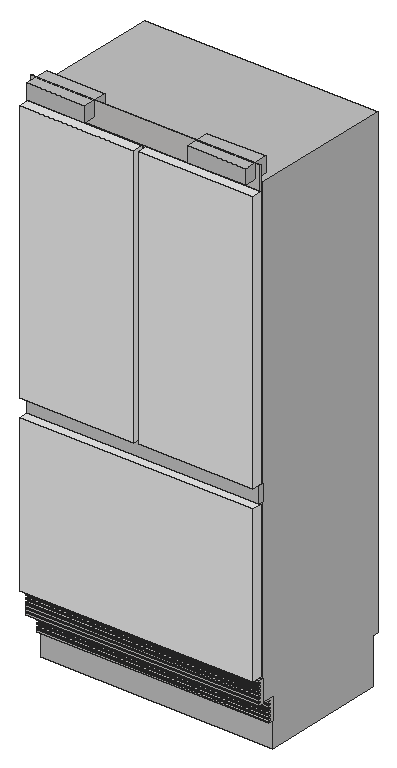
Revit family "FP_Revit_18_RS36A80J1_Fridge_90001167A", category Specialty Equipment, Revit 2018
Family settings
  Round Connector Dimension = Use Diameter
  Part Type = Normal
  OmniClass Number = 23.40.40.11.11.17
  OmniClass Title = Refrigerator-Freezer
  Work Plane-Based = No
  Always vertical = Yes
  Cut with Voids When Loaded = Yes
  Shared = No
  Room Calculation Point = No
Parameters (values of type "RS36A80J1 (without door panels)")
  Visibility - Visibility Control Note = yes
  Visibility - Clearance Required = yes
  URL = "www.fisherpaykel.com"
  Stainless Steel Door Panel Set = no
  Product - Width = 906 mm  # constant formula
  Product - Height = 2028 mm
  Product - Depth = 621 mm  # constant formula
  Model = "RS36A80J1"
  Material - Trim = Fisher & Paykel - Stainless Steel
  Material - Door Structure = Fisher & Paykel - White
  Material - Door Front = Fisher & Paykel - Stainless Steel
  Material - Body = Fisher & Paykel - Grey
  Manufacturer = "Fisher & Paykel Appliances"
  Handle Style - Professional Square (AHV2RS36A) = no
  Handle Style - Professional Round Flush (AHP3S36A) = no
  Handle Style - Professional Round (AHCRS36A) = no
  Handle Style - Contemporary Square Fine Black (AHD5RD36AB) = no
  Handle Style - Contemporary Square Fine (AHD5RD36A) = no
  Handle Style - Contemporary Square (AHD3RS36A) = no
  Handle Style - Contemporary Round (25374 AHS-ASBI-A) = no
  Description = "36\" Integrated French Door Refrigerator Freezer, Ice"
  Connector Description - Water = "1/4\" (6mm) comp. Stainless steel braided hose"
  Connector Description - Electrical = "115 V, 60 Hz, 10 A fused electrical supply"
  Chassis - Width = 890 mm  # constant formula
  Chassis - Height = 1970 mm  # constant formula
  Chassis - Depth = 603 mm  # constant formula
  Cavity - Width = 914 mm  # constant formula
  Cavity - Height = 2032 mm
  Cavity - Depth = 635 mm  # constant formula
Reference planes
  plane 1 "Datum": y = 0
  plane 2: z = 0
  plane 3 "Center (Left/Right)": x = 0
  plane 4 "Product LHS": x = -453
  plane 5 "Product RHS": x = 453
  plane 6 "Product - Depth": y = 603
  plane 7 "Cavity LHS": x = -457
  plane 8 "Cavity RHS": x = 457
  plane 9 "Cavity - Depth": y = 616.957
  plane 10 "Product Height": z = 2028
  plane 11 "Cavity Height": z = 2032
  plane 12 "Door Panel 18mm (Front)": y = -18.043
Forms (mm)
  Extrusion 1, solid, material "Fisher & Paykel - Grey" <- "Material - Body"
    sketch origin (0, 0, 0) x (0, 1, 0) y (0, 0, 1)
      loop
        line (52, 181.92) -> (102, 181.92) -> (102, 6) -> (582, 6) -> (582, 182) -> (603, 182) -> (603, 1970) -> (52, 1970) -> (52, 181.92)
    from -445 to 445
  Extrusion 2, solid, material "Fisher & Paykel - Clearance Required", visible <- "Visibility - Clearance Required", detail levels coarse
    sketch origin (0, -18, -2000) x (0, 1, 0) y (0, 0, 1)
      loop
        line (-0.043, 2874) -> (-359.921, 2874) -> (-359.921, 2809.3) -> (-401.921, 2809.3) -> (-401.921, 2793.3) -> (-359.921, 2793.3) -> (-359.921, 2100.03) -> (-0.043, 2100.03) -> (-0.043, 2874)
    from -453 to 453
  Extrusion 3, solid, material "Fisher & Paykel - White" <- "Material - Door Structure"
    sketch origin (0, 0, 0) x (1, 0, 0) y (0, 0, 1)
      loop
        line (-7.74, 1939.6) -> (-445, 1939.6) -> (-445, 938.6) -> (-7.74, 938.6) -> (-7.74, 1939.6)
      loop
        line (7.74, 1939.6) -> (7.74, 938.6) -> (445, 938.6) -> (445, 1939.6) -> (7.74, 1939.6)
      loop
        line (-445, 868.5) -> (-445, 276.5) -> (445, 276.5) -> (445, 868.5) -> (-445, 868.5)
    from -42.6 to -5
  Extrusion 4, solid, material "Fisher & Paykel - White" <- "Material - Door Structure", detail levels medium+fine
    sketch origin (0, 0, -1.5) x (1, 0, 0) y (0, 0, 1)
      loop
        line (-434.6, 860) -> (-434.6, 291.274) -> (434.6, 291.274) -> (434.6, 860) -> (-434.6, 860)
      loop
        line (-13.88, 950.1) -> (-13.88, 1931.1) -> (-434.58, 1931.1) -> (-434.58, 950.1) -> (-13.88, 950.1)
      loop
        line (13.88, 950.1) -> (434.58, 950.1) -> (434.58, 1931.1) -> (13.88, 1931.1) -> (13.88, 950.1)
    from -52 to -42.6
  Extrusion 5, solid, material "Fisher & Paykel - Grey" <- "Material - Body"
    sketch origin (0, 0, 0) x (1, 0, 0) y (0, 1, 0)
      loop
        line (-195.3, 5) -> (-195.3, 100) -> (-417.8, 100) -> (-417.8, 5) -> (-195.3, 5)
      loop
        line (418.2, 5) -> (418.2, 100) -> (195.7, 100) -> (195.7, 5) -> (418.2, 5)
    from 1970 to 2028
  Extrusion 6, solid, material "Fisher & Paykel - Stainless Steel" <- "Material - Trim", detail levels fine
    sketch origin (0, -20, 0) x (0, 1, 0) y (0, 0, 1)
      loop
        line (122, 181.92) -> (75.253, 181.92) -> (75.253, 177.518) -> (112.5, 177.518) -> (112.5, 171.604) -> (104.601, 171.604) -> (104.601, 167.081) -> (112.5, 167.081) -> (112.5, 158.507) -> (104.601, 158.507) -> (104.601, 153.984) -> (112.5, 153.984) -> (112.5, 145.41) -> (104.601, 145.41) -> (104.601, 140.887) -> (112.5, 140.887) -> (112.5, 132.313) -> (104.601, 132.313) -> (104.601, 127.789) -> (112.5, 127.789) -> (112.5, 119.215) -> (104.601, 119.215) -> (104.601, 114.692) -> (112.5, 114.692) -> (112.5, 106.118) -> (104.601, 106.118) -> (104.601, 101.308) -> (122, 101.308) -> (122, 181.92)
      loop
        line (72, 266.429) -> (54.5, 266.429) -> (54.5, 261.429) -> (62.5, 261.429) -> (62.5, 252.921) -> (54.5, 252.921) -> (54.5, 248.398) -> (62.5, 248.398) -> (62.5, 239.824) -> (54.5, 239.824) -> (54.5, 235.3) -> (62.5, 235.3) -> (62.5, 226.726) -> (54.5, 226.726) -> (54.5, 222.203) -> (62.5, 222.203) -> (62.5, 213.629) -> (54.5, 213.629) -> (54.5, 209.106) -> (62.5, 209.106) -> (62.5, 200.532) -> (54.5, 200.532) -> (54.5, 196.009) -> (62.5, 196.009) -> (62.5, 187.436) -> (54.5, 187.436) -> (54.5, 181.92) -> (72, 181.92) -> (72, 266.429)
    from -445 to 445
  Extrusion 7, solid, material "Fisher & Paykel - Stainless Steel" <- "Material - Door Front", visible <- "Stainless Steel Door Panel Set"
    sketch origin (0, 0, 0) x (1, 0, 0) y (0, 0, 1)
      loop
        line (-453, 874) -> (-453, 100.03) -> (453, 100.03) -> (453, 874) -> (-453, 874)
      loop
        line (-453, 878) -> (-2, 878) -> (-2, 2028) -> (-453, 2028) -> (-453, 878)
      loop
        line (2, 2028) -> (2, 878) -> (453, 878) -> (453, 2028) -> (2, 2028)
    from 0 to 18
  Extrusion 8, solid, material "Fisher & Paykel - Clearance Required", visible <- "Visibility - Clearance Required", detail levels coarse
    sketch origin (0, 0, 0) x (1, 0, 0) y (0, 1, 0)
      loop
        line (-457, 616.957) -> (-457, -18.043) -> (457, -18.043) -> (457, 616.957) -> (-457, 616.957)
    from 0 to 2032
  Extrusion 9, solid, material "Fisher & Paykel - Clearance Required", visible <- "Visibility - Clearance Required", detail levels coarse
    sketch origin (0, -18, 0) x (1, 0, 0) y (0, 1, 0)
      loop
        line (-453, -0.043) -> (-610.872, -338.602) -> (-647.125, -321.697) -> (-653.73, -335.861) -> (-617.477, -352.766) -> (-643.601, -408.788)
        arc (-643.601, -408.788) -> (-210.678, -380.413) -> (-2, -0.043) r 451
        line (-2, -0.043) -> (-453, -0.043)
      loop
        line (453, -0.043) -> (2, -0.043)
        arc (2, -0.043) -> (210.678, -380.413) -> (643.601, -408.788) r 451
        line (643.601, -408.788) -> (617.477, -352.766) -> (653.73, -335.861) -> (647.125, -321.697) -> (610.872, -338.602) -> (453, -0.043)
    from 878 to 2032
  Extrusion 10, void
    sketch origin (0, 0, 0) x (1, 0, 0) y (0, 1, 0)
      loop
        line (-457, 616.957) -> (-457, -18.043) -> (457, -18.043) -> (457, 616.957) -> (-457, 616.957)
    from 0 to 2032
  Extrusion 11, solid, material "Fisher & Paykel - Grey" <- "Material - Body", detail levels medium+fine
    sketch origin (0, 0, 0) x (0, 1, 0) y (0, 0, 1)
      loop
        arc (130.874, 0) -> (132, -0.044) -> (133.126, 0) r 14.372
        line (133.126, 0) -> (130.874, 0)
      loop
        arc (535.752, 6) -> (552, -0.025) -> (568.248, 6) r 24.92
        line (568.248, 6) -> (535.752, 6)
    from 385.2 to 434.6
  Extrusion 12, solid, material "Fisher & Paykel - Grey" <- "Material - Body", detail levels medium+fine
    sketch origin (0, 0, 0) x (0, 1, 0) y (0, 0, -1)
      loop
        line (130.874, 0) -> (133.126, 0)
        arc (133.126, 0) -> (132, 0.044) -> (130.874, 0) r 14.372
      loop
        line (535.752, -6) -> (568.248, -6)
        arc (568.248, -6) -> (552, 0.025) -> (535.752, -6) r 24.92
    from 385.2 to 434.6
  Extrusion 13, solid, material "Fisher & Paykel - Grey" <- "Material - Body", detail levels fine
    sketch origin (0, 0, 0) x (0, 1, 0) y (0, 0, 1)
      loop
        line (52, 934.5) -> (35, 934.5) -> (35, 874.5) -> (52, 874.5) -> (52, 934.5)
    from -445 to 445
  Extrusion 14, solid, material "Fisher & Paykel - Stainless Steel" <- "Material - Trim", detail levels fine
    sketch origin (0, 0, 0) x (0, 1, 0) y (0, 0, 1)
      loop
        line (50, 1939.6) -> (50, 2028) -> (48, 2028) -> (48, 1939.6) -> (50, 1939.6)
    from -438.8 to 439.2
  Extrusion 15, solid, material "Fisher & Paykel - Grey" <- "Material - Body", detail levels medium+fine
    sketch origin (0, 0, 0) x (1, 0, 0) y (0, 0, 1)
      loop
        circle (303, 60) r 4
      loop
        circle (-303, 60) r 4
    from -603 to -582
Lines and regions (mm)
  model lines, style "Fisher & Paykel"
    curve 1: line (-453, 0, 2028) -> (-2, 0, 2028)
    curve 2: line (-453, 0, 878) -> (-453, 0, 2028)
    curve 3: line (-2, 0, 878) -> (-453, 0, 878)
    curve 4: line (-2, 0, 2028) -> (-2, 0, 878)
    curve 5: line (2, 0, 878) -> (453, 0, 878)
    curve 6: line (2, 0, 2028) -> (2, 0, 878)
    curve 7: line (453, 0, 2028) -> (2, 0, 2028)
    curve 8: line (453, 0, 878) -> (453, 0, 2028)
    curve 9: line (-453, 0, 874) -> (453, 0, 874)
    curve 10: line (-453, 0, 100.03) -> (-453, 0, 874)
    curve 11: line (453, 0, 100.03) -> (-453, 0, 100.03)
    curve 12: line (453, 0, 874) -> (453, 0, 100.03)
Text (mm)
  text "Due to ongoing product development, product details are subject to change without notice. \nPlease always refer to www.fisherpaykel.com for the most current product information. \n© Fisher & Paykel 2020" at (41.04, -527.568, 0), in view "Ref. Level (Plan)"
Dimensions and locks
  equal spacing: plane 4 "Product LHS", plane 3 "Center (Left/Right)", plane 5 "Product RHS"
  "Product - Width": plane 4 "Product LHS" to plane 5 "Product RHS"
  equal spacing: plane 7 "Cavity LHS", plane 3 "Center (Left/Right)", plane 8 "Cavity RHS"
  "Cavity - Width": plane 7 "Cavity LHS" to plane 8 "Cavity RHS"
  "Product - Height": level to plane 10 "Product Height"
  "Cavity - Height": plane 11 "Cavity Height" to level
  "Cavity - Depth": plane 9 "Cavity - Depth" to plane 12 "Door Panel 18mm (Front)"
  plane 12 "Door Panel 18mm (Front)" to plane 1 "Datum" = 18.043 mm
  "Chassis - Depth": plane 6 "Product - Depth" to plane 1 "Datum"
  plane 6 "Product - Depth" to plane 12 "Door Panel 18mm (Front)" = 621.043 mm
  locked: Extrusion 4 to level at 1929.6
  "Chassis - Height": Extrusion 1 to level
  Extrusion 15 sketch curve to plane 5 "Product RHS" = 150 mm
  Extrusion 1 to Extrusion 15 sketch curve = 50 mm
  locked: level to Extrusion 3 sketch curve at 1939.6  (x2)
  locked: curve 9 to level at 874
  locked: curve 3 to level at 878
  locked: curve 1 to plane 10 "Product Height"
  locked: curve 7 to plane 10 "Product Height"
  aligned and locked: level to plane 2
  aligned and locked: Extrusion 3 sketch curve to Extrusion 3 sketch curve
  aligned and locked: plane 9 "Cavity - Depth" to Extrusion 10
  aligned and locked: plane 9 "Cavity - Depth" to Extrusion 8
  aligned and locked: plane 6 "Product - Depth" to Extrusion 1
  aligned and locked: Extrusion 8 to plane 11 "Cavity Height"
  aligned and locked: Extrusion 9 to plane 11 "Cavity Height"
  aligned and locked: Extrusion 1 to Extrusion 13  (x2)
  aligned and locked: Extrusion 10 to plane 11 "Cavity Height"
  aligned and locked: plane 10 "Product Height" to Extrusion 14 sketch curve
  aligned and locked: Extrusion 15 to Extrusion 1
  aligned and locked: plane 6 "Product - Depth" to Extrusion 15
  aligned and locked: Extrusion 9 to Extrusion 7
  aligned and locked: Extrusion 3 to Extrusion 14
Automatic sketch dimensions
  plane 3 "Center (Left/Right)" to curve 5 = 2 mm
  Extrusion 1 sketch curve to plane 6 "Product - Depth" = 0 mm
  level to Extrusion 1 sketch curve = 6 mm
  Extrusion 1 sketch curve to plane 6 "Product - Depth" = 21 mm
  Extrusion 1 sketch curve to plane 1 "Datum" = 102 mm
  Extrusion 1 sketch curve to Extrusion 1 sketch curve = 50 mm
  Extrusion 1 sketch curve to Extrusion 1 sketch curve = 175.92 mm
  Extrusion 1 sketch curve to Extrusion 1 sketch curve = 176 mm
  plane 10 "Product Height" to Extrusion 1 sketch curve = 58 mm
  Extrusion 2 sketch curve to plane 12 "Door Panel 18mm (Front)" = 0 mm
  level to Extrusion 2 sketch curve = 100.03 mm
  Extrusion 2 sketch curve to plane 12 "Door Panel 18mm (Front)" = 359.878 mm
  Extrusion 2 sketch curve to Extrusion 2 sketch curve = 0 mm
  Extrusion 2 sketch curve to Extrusion 2 sketch curve = 42 mm
  Extrusion 2 sketch curve to Extrusion 2 sketch curve = 693.27 mm
  Extrusion 2 sketch curve to Extrusion 2 sketch curve = 16 mm
  Extrusion 2 sketch curve to Extrusion 2 sketch curve = 64.7 mm
  Extrusion 4 sketch curve to plane 4 "Product LHS" = 18.4 mm
  Extrusion 4 sketch curve to plane 4 "Product LHS" = 18.42 mm
  Extrusion 4 sketch curve to plane 3 "Center (Left/Right)" = 13.88 mm
  plane 3 "Center (Left/Right)" to Extrusion 4 sketch curve = 13.88 mm
  plane 5 "Product RHS" to Extrusion 4 sketch curve = 18.42 mm
  plane 5 "Product RHS" to Extrusion 4 sketch curve = 18.4 mm
  level to Extrusion 4 sketch curve = 289.774 mm
  Extrusion 4 sketch curve to Extrusion 4 sketch curve = 568.726 mm
  Extrusion 4 sketch curve to Extrusion 4 sketch curve = 90.1 mm
  Extrusion 4 sketch curve to Extrusion 4 sketch curve = 0 mm  (x2)
  plane 10 "Product Height" to Extrusion 4 sketch curve = 98.4 mm
  Extrusion 5 sketch curve to plane 1 "Datum" = 5 mm  (x2)
  Extrusion 5 sketch curve to plane 4 "Product LHS" = 35.2 mm
  Extrusion 5 sketch curve to plane 3 "Center (Left/Right)" = 195.3 mm
  plane 3 "Center (Left/Right)" to Extrusion 5 sketch curve = 195.7 mm
  plane 5 "Product RHS" to Extrusion 5 sketch curve = 34.8 mm
  Extrusion 5 sketch curve to Extrusion 5 sketch curve = 95 mm  (x2)
  Extrusion 6 sketch curve to plane 1 "Datum" = 34.5 mm  (x2)
  Extrusion 6 sketch curve to Extrusion 6 sketch curve = 0 mm  (x17)
  Extrusion 6 sketch curve to Extrusion 6 sketch curve = 8 mm  (x2)
  Extrusion 6 sketch curve to Extrusion 6 sketch curve = 9.5 mm  (x2)
  Extrusion 6 sketch curve to Extrusion 6 sketch curve = 3.253 mm
  Extrusion 6 sketch curve to Extrusion 6 sketch curve = 29.348 mm  (x2)
  Extrusion 6 sketch curve to Extrusion 6 sketch curve = 7.899 mm  (x3)
  level to Extrusion 6 sketch curve = 101.308 mm
  Extrusion 6 sketch curve to Extrusion 6 sketch curve = 4.811 mm
  Extrusion 6 sketch curve to Extrusion 6 sketch curve = 8.574 mm  (x9)
  Extrusion 6 sketch curve to Extrusion 6 sketch curve = 4.523 mm  (x10)
  Extrusion 6 sketch curve to Extrusion 6 sketch curve = 5.914 mm
  Extrusion 6 sketch curve to Extrusion 6 sketch curve = 4.402 mm
  Extrusion 6 sketch curve to Extrusion 6 sketch curve = 5.516 mm
  Extrusion 6 sketch curve to Extrusion 6 sketch curve = 8.573 mm
  Extrusion 6 sketch curve to Extrusion 6 sketch curve = 8.508 mm
  Extrusion 6 sketch curve to Extrusion 6 sketch curve = 5 mm
  plane 4 "Product LHS" to Extrusion 7 sketch curve = 0 mm  (x2)
  Extrusion 7 sketch curve to plane 10 "Product Height" = 0 mm  (x2)
  plane 5 "Product RHS" to Extrusion 7 sketch curve = 0 mm  (x2)
  Extrusion 7 sketch curve to plane 3 "Center (Left/Right)" = 2 mm
  plane 3 "Center (Left/Right)" to Extrusion 7 sketch curve = 2 mm
  level to Extrusion 7 sketch curve = 878 mm
  Extrusion 7 sketch curve to Extrusion 7 sketch curve = 0 mm
  Extrusion 7 sketch curve to Extrusion 7 sketch curve = 4 mm
  level to Extrusion 7 sketch curve = 100.03 mm
  Extrusion 8 sketch curve to plane 7 "Cavity LHS" = 0 mm
  Extrusion 8 sketch curve to plane 8 "Cavity RHS" = 0 mm
  Extrusion 8 sketch curve to plane 12 "Door Panel 18mm (Front)" = 0 mm
  Extrusion 8 sketch curve to plane 9 "Cavity - Depth" = 0 mm
  Extrusion 9 sketch curve to plane 4 "Product LHS" = 0 mm  (x2)
  Extrusion 9 sketch curve to plane 12 "Door Panel 18mm (Front)" = 0 mm  (x2)
  Extrusion 9 sketch curve to plane 5 "Product RHS" = 0 mm  (x2)
  plane 7 "Cavity LHS" to Extrusion 9 sketch curve = 153.872 mm
  Extrusion 9 sketch curve to Extrusion 9 sketch curve = 6.605 mm  (x3)
  Extrusion 9 sketch curve to Extrusion 9 sketch curve = 26.124 mm
  Extrusion 9 sketch curve to Extrusion 9 sketch curve = 36.252 mm  (x2)
  Extrusion 9 sketch curve to plane 3 "Center (Left/Right)" = 2 mm
  plane 3 "Center (Left/Right)" to Extrusion 9 sketch curve = 2 mm
  Extrusion 9 sketch curve to plane 8 "Cavity RHS" = 153.872 mm
  plane 1 "Datum" to Extrusion 9 sketch curve = 426.788 mm
  plane 1 "Datum" to Extrusion 9 sketch curve = 353.861 mm
  Extrusion 10 sketch curve to plane 7 "Cavity LHS" = 0 mm
  Extrusion 10 sketch curve to plane 8 "Cavity RHS" = 0 mm
  Extrusion 10 sketch curve to plane 12 "Door Panel 18mm (Front)" = 0 mm
  Extrusion 10 sketch curve to plane 9 "Cavity - Depth" = 0 mm
  Extrusion 11 sketch curve to level = 0 mm
  Extrusion 11 sketch curve to plane 1 "Datum" = 130.874 mm
  Extrusion 11 sketch curve to Extrusion 11 sketch curve = 1.126 mm
  level to Extrusion 11 sketch curve = 6 mm
  Extrusion 11 sketch curve to plane 6 "Product - Depth" = 67.248 mm
  Extrusion 11 sketch curve to Extrusion 11 sketch curve = 16.248 mm
  level to Extrusion 11 sketch curve = 14.328 mm
  level to Extrusion 11 sketch curve = 24.894 mm
  Extrusion 12 sketch curve to level = 0 mm
  Extrusion 12 sketch curve to plane 1 "Datum" = 130.874 mm
  Extrusion 12 sketch curve to Extrusion 12 sketch curve = 1.126 mm
  level to Extrusion 12 sketch curve = 6 mm
  Extrusion 12 sketch curve to plane 6 "Product - Depth" = 67.248 mm
  Extrusion 12 sketch curve to Extrusion 12 sketch curve = 16.248 mm
  level to Extrusion 12 sketch curve = 14.328 mm
  level to Extrusion 12 sketch curve = 24.894 mm
  Extrusion 13 sketch curve to plane 1 "Datum" = 35 mm
  Extrusion 13 sketch curve to Extrusion 13 sketch curve = 17 mm
  level to Extrusion 13 sketch curve = 874.5 mm
  Extrusion 13 sketch curve to Extrusion 13 sketch curve = 60 mm
  Extrusion 14 sketch curve to plane 1 "Datum" = 48 mm
  Extrusion 14 sketch curve to Extrusion 14 sketch curve = 2 mm
  level to Extrusion 15 sketch curve = 60 mm  (x2)
  Extrusion 15 sketch curve to plane 4 "Product LHS" = 150 mm
  Extrusion 3 sketch curve to plane 4 "Product LHS" = 8 mm  (x2)
  Extrusion 3 sketch curve to plane 3 "Center (Left/Right)" = 7.74 mm
  plane 3 "Center (Left/Right)" to Extrusion 3 sketch curve = 7.74 mm
  plane 5 "Product RHS" to Extrusion 3 sketch curve = 8 mm
  level to Extrusion 3 sketch curve = 276.5 mm
  Extrusion 3 sketch curve to Extrusion 3 sketch curve = 592 mm
  Extrusion 3 sketch curve to Extrusion 3 sketch curve = 70.1 mm
  Extrusion 3 sketch curve to Extrusion 3 sketch curve = 0 mm
  plane 4 "Product LHS" to curve 10 = 0 mm
  plane 4 "Product LHS" to curve 3 = 0 mm
  plane 5 "Product RHS" to curve 9 = 0 mm
  plane 5 "Product RHS" to curve 7 = 0 mm
  curve 3 to plane 3 "Center (Left/Right)" = 2 mm
  level to curve 12 = 100.03 mm
  curve 4 to curve 5 = 0 mm
  Extrusion 14 sketch curve to Extrusion 14 sketch curve = 88.4 mm
  radius of Extrusion 15 sketch curve = 4 mm
Nested families
  nested 1: "F&P Handle Kit - Contemporary Square - Horizontal" at (0, -18, 801.322), visible <- "Handle Style - Contemporary Square (AHD3RS36A)", type "RS36A - Contemporary square handle (2 of 2) (Horizontal) 746mm"
  nested 2: "F&P Handle Kit - Contemporary Square - Vertical" at (67.3, -18, 1306.3), visible <- "Handle Style - Contemporary Square (AHD3RS36A)", type "RS36A - Contemporary square handle (1 of 2) (Vertical) 727mm"
  nested 3: "F&P Handle Kit - Contemporary Square - Vertical" at (-67.3, -18, 1306.3), visible <- "Handle Style - Contemporary Square (AHD3RS36A)", type "RS36A - Contemporary square handle (1 of 2) (Vertical) 727mm"
  nested 4: "Comment Marker 2D" at (1025.229, 0, 0), visible <- "Visibility - Visibility Control Note", type "Active"
  nested 5: "F&P Handle Kit - Contemporary Round - Horizontal" at (0, -18.043, 801.3), visible <- "Handle Style - Contemporary Round (25374 AHS-ASBI-A)", type "25374 AHS-ASBI-A - Contemporary round handle (2 of 2) (Horizontal) 746mm"
  nested 6: "F&P Handle Kit - Contemporary Round - Vertical" at (-67.3, -18.043, 1306.3), visible <- "Handle Style - Contemporary Round (25374 AHS-ASBI-A)", type "25374 AHS-ASBI-A - Contemporary round handle (1 of 2) (Vertical) 727mm"
  nested 7: "F&P Handle Kit - Contemporary Square Fine - Horizontal" at (0, -18.043, 801.3), visible <- "Handle Style - Contemporary Square Fine (AHD5RD36A)", type "AHD5RD36A - Contemporary square fine handle (2 of 2) (Horizontal) 746mm"
  nested 8: "F&P Handle Kit - Contemporary Square Fine - Horizontal" at (0, -18.043, 801.3), visible <- "Handle Style - Contemporary Square Fine Black (AHD5RD36AB)", type "AHD5RD36AB - Contemporary square fine black handle (2 of 2) (Horizontal) 746mm"
  nested 9: "F&P Handle Kit - Contemporary Square Fine - Vertical" at (-67.3, -18.043, 1306.3), visible <- "Handle Style - Contemporary Square Fine (AHD5RD36A)", type "AHD5RD36A - Contemporary square fine handle (1 of 2) (Vertical) 727mm"
  nested 10: "F&P Handle Kit - Contemporary Square Fine - Vertical" at (-67.3, -18.043, 1306.3), visible <- "Handle Style - Contemporary Square Fine Black (AHD5RD36AB)", type "AHD5RD36AB - Contemporary square fine black handle (1 of 2) (Vertical) 727mm"
  nested 11: "F&P Handle Kit - Professional Round - Horizontal" at (0, -18.043, 801.3), visible <- "Handle Style - Professional Round (AHCRS36A)", type "AHCRS36A - Professional round handle (2 of 2) (Horizontal) 746mm"
  nested 12: "F&P Handle Kit - Professional Round - Vertical" at (-67.3, -18.043, 1306.3), visible <- "Handle Style - Professional Round (AHCRS36A)", type "AHCRS36A - Professional round handle (1 of 2) (Vertical) 661mm"
  nested 13: "F&P Handle Kit - Professional Square - Horizontal" at (0, -18.043, 801.3), visible <- "Handle Style - Professional Square (AHV2RS36A)", type "AHV2RS36A - Professional square handle (2 of 2) (Horizontal) 686mm"
  nested 14: "F&P Handle Kit - Professional Square - Vertical" at (-67.3, -18.043, 1306.3), visible <- "Handle Style - Professional Square (AHV2RS36A)", type "AHV2RS36A - Professional square handle (1 of 2) (Vertical) 727mm"
  nested 15: "F&P Handle Kit - Contemporary Round - Vertical" at (67.3, -18.043, 1306.3), visible <- "Handle Style - Contemporary Round (25374 AHS-ASBI-A)", type "25374 AHS-ASBI-A - Contemporary round handle (1 of 2) (Vertical) 727mm"
  nested 16: "F&P Handle Kit - Contemporary Square Fine - Vertical" at (67.3, -18.043, 1306.3), visible <- "Handle Style - Contemporary Square Fine (AHD5RD36A)", type "AHD5RD36A - Contemporary square fine handle (1 of 2) (Vertical) 727mm"
  nested 17: "F&P Handle Kit - Contemporary Square Fine - Vertical" at (67.3, -18.043, 1306.3), visible <- "Handle Style - Contemporary Square Fine Black (AHD5RD36AB)", type "AHD5RD36AB - Contemporary square fine black handle (1 of 2) (Vertical) 727mm"
  nested 18: "F&P Handle Kit - Professional Round - Vertical" at (67.3, -18.043, 1306.3), visible <- "Handle Style - Professional Round (AHCRS36A)", type "AHCRS36A - Professional round handle (1 of 2) (Vertical) 661mm"
  nested 19: "F&P Handle Kit - Professional Square - Vertical" at (67.3, -18.043, 1306.3), visible <- "Handle Style - Professional Square (AHV2RS36A)", type "AHV2RS36A - Professional square handle (1 of 2) (Vertical) 727mm"
  nested 20: "F&P Handle Kit - Professional Round Flush - Horizontal" at (0, -18.043, 801.3), visible <- "Handle Style - Professional Round Flush (AHP3S36A)", type "AHP3RD36A - Professional round flush handle (2 of 2) (Horizontal)"
  nested 21: "F&P Handle Kit - Professional Round Flush - Vertical" at (-67.3, -18.043, 1306.3), visible <- "Handle Style - Professional Round Flush (AHP3S36A)", type "AHP3RD36A - Professional round flush handle (1 of 2) (Vertical)"
  nested 22: "F&P Handle Kit - Professional Round Flush - Vertical" at (67.3, -18.043, 1306.3), visible <- "Handle Style - Professional Round Flush (AHP3S36A)", type "AHP3RD36A - Professional round flush handle (1 of 2) (Vertical)"
Connectors
  electrical at (303, 603, 60), driven by "Connector Description - Electrical"
    settings: on Extrusion 15, index 1, voltage 115 V, apparent load 0 VA, apparent load phase1 0 VA, apparent load phase2 0 VA, apparent load phase3 0 VA, power factor 1, load classification "Other", number of poles 1, system type 30, power factor state 1, is connector primary yes, connector utility no, sub classification motor no, connector description "115 V, 60 Hz, 10 A fused electrical supply"
  piping at (-303, 603, 60), diameter 6, driven by "Connector Description - Water"
    settings: on Extrusion 15, index 2, connector inside diameter 609.6 mm, connector length 0 mm, flow factor 0, pipe flow 0.0 L/s, pressure drop 0.0 Pa, fitting loss kfactor 0, connector angle 0.00°, fixture units 0, engagement length 0 mm, angle of deflection 0.00°, flow configuration 0, flow direction 1, fitting loss method 0, system type 20, joint type 0, gender type 0, connector reference index -1, connector utility 0, adjustable connector no, is connector primary yes, connector description "1/4\" (6mm) comp. Stainless steel braided hose"
Definition of nested family "F&P Handle Kit - Contemporary Square - Horizontal"
  Parameters (values of type "RS90A - Contemporary square handle (2 of 2) (Horizontal) 746mm")
    URL = "www.fisherpaykel.com"
    Material - Handle = none
    Manufacturer = "Fisher & Paykel Appliances"
    Handle - Length = 746 mm
  Types (9, lengths in mm): name | Handle - Length
    (no name) | 746
    AHD3RD2484W - Contemporary square handle (2 of 2) (Horizontal) 494mm | 494
    AHD3RD3084W - Contemporary square handle (2 of 2) (Horizontal) 646mm | 646
    AHD3RS3272A - Contemporary square handle (2 of 2) (Horizontal) 646mm | 646
    AHD3RS80A - Contemporary square handle (2 of 2) (Horizontal) 646mm | 646
    AHD3RD6121W - Contemporary square handle (2 of 2) (Horizontal) 494mm | 494
    AHD3RD7621W - Contemporary square handle (2 of 2) (Horizontal) 646mm | 646
    RS36A - Contemporary square handle (2 of 2) (Horizontal) 746mm | 746
    RS90A - Contemporary square handle (2 of 2) (Horizontal) 746mm | 746
  Reference planes
    plane 1 "Center (Front/Back)": y = 0
    plane 2: z = 0
    plane 3 "Center (Left/Right)": x = 0
    plane 4 "Product LHS": x = -373
    plane 5 "Product RHS": x = 373
    plane 6 "LHS Standoff": x = -252.995
    plane 7 "RHS Standoff": x = 253.005
  Forms (mm)
    Extrusion 1, solid, material <- "Material - Handle", detail levels fine
      sketch origin (0, 0, 0) x (0, 1, 0) y (0, 0, 1)
        loop
          arc (-28.701, 7.561) -> (-29.057, 7.868) -> (-29.514, 7.978) r 1
          line (-29.514, 7.978) -> (-40.5, 7.978)
          arc (-40.5, 7.978) -> (-41.561, 7.539) -> (-42, 6.478) r 1.5
          line (-42, 6.478) -> (-42, -6.522)
          arc (-42, -6.522) -> (-41.561, -7.583) -> (-40.5, -8.022) r 1.5
          line (-40.5, -8.022) -> (-29.487, -8.022)
          arc (-29.487, -8.022) -> (-29.029, -7.911) -> (-28.673, -7.602) r 1
          arc (-28.673, -7.602) -> (-26.256, -0.016) -> (-28.701, 7.561) r 13.038
      from -373 to 373
    Extrusion 2, solid, material <- "Material - Handle", detail levels fine
      sketch origin (0, 0, 0) x (0, 1, 0) y (0, 0, 1)
        loop
          arc (-28.23, 7.062) -> (-26.156, 0.008) -> (-28.198, -7.056) r 13.136
          arc (-28.198, -7.056) -> (-28.21, -7.463) -> (-27.86, -7.67) r 0.4
          line (-27.86, -7.67) -> (0, -7.67) -> (0, 7.678) -> (-27.893, 7.678)
          arc (-27.893, 7.678) -> (-28.244, 7.47) -> (-28.23, 7.062) r 0.4
      from 253.005 to 373
    Extrusion 3, solid, material <- "Material - Handle", detail levels fine
      sketch origin (0, 0, 0) x (0, 1, 0) y (0, 0, -1)
        loop
          arc (-28.23, -7.062) -> (-28.244, -7.47) -> (-27.893, -7.678) r 0.4
          line (-27.893, -7.678) -> (0, -7.678) -> (0, 7.67) -> (-27.86, 7.67)
          arc (-27.86, 7.67) -> (-28.21, 7.463) -> (-28.198, 7.056) r 0.4
          arc (-28.198, 7.056) -> (-26.156, -0.008) -> (-28.23, -7.062) r 13.136
      from 252.995 to 373
    Sweep 4, void
      path in 3D
        loop
          line (373, -29.514, 7.978) -> (373, -40.5, 7.978)
          arc (373, -40.5, 7.978) -> (373, -41.561, 7.539) -> (373, -42, 6.478) r 1.5
          line (373, -42, 6.478) -> (373, -42, -6.522)
          arc (373, -42, -6.522) -> (373, -41.561, -7.583) -> (373, -40.5, -8.022) r 1.5
          line (373, -40.5, -8.022) -> (373, -29.487, -8.022)
      profile origin (373, -35.007, 7.978) x (1, 0, 0) y (0, 0, 1)
        loop
          line (0, 0) -> (-1.3, 0) -> (0, -1.3) -> (0, 0)
    Sweep 5, void
      path in 3D
        loop
          line (-373, -29.487, -8.022) -> (-373, -40.5, -8.022)
          arc (-373, -40.5, -8.022) -> (-373, -41.561, -7.583) -> (-373, -42, -6.522) r 1.5
          line (-373, -42, -6.522) -> (-373, -42, 6.478)
          arc (-373, -42, 6.478) -> (-373, -41.561, 7.539) -> (-373, -40.5, 7.978) r 1.5
          line (-373, -40.5, 7.978) -> (-373, -29.514, 7.978)
      profile origin (-373, -35.007, 7.978) x (-1, 0, 0) y (0, 0, 1)
        loop
          line (0, 0) -> (-1.3, 0) -> (0, -1.3) -> (0, 0)
    Extrusion 6, void
      sketch origin (0, 0, 0) x (1, 0, 0) y (0, 0, 1)
        loop
          line (373, 7.978) -> (371.7, 7.978) -> (373, 6.678) -> (373, 7.978)
        loop
          line (373, -8.022) -> (373, -6.722) -> (371.7, -8.022) -> (373, -8.022)
      from 0 to 40
    Extrusion 7, void
      sketch origin (0, 0, 0) x (1, 0, 0) y (0, 0, 1)
        loop
          line (-373, 7.978) -> (-373, 6.678) -> (-371.7, 7.978) -> (-373, 7.978)
        loop
          line (-373, -8.022) -> (-371.7, -8.022) -> (-373, -6.722) -> (-373, -8.022)
      from 0 to 40
    Extrusion 8, solid, material <- "Material - Handle", detail levels coarse+medium
      sketch origin (0, 0, 0) x (1, 0, 0) y (0, 1, 0)
        loop
          line (-373, -42) -> (373, -42) -> (373, 0) -> (253.005, 0) -> (253.005, -26.156) -> (-252.995, -26.156) -> (-252.995, 0) -> (-373, 0) -> (-373, -42)
      from -8.022 to 7.978
  Cuts and joins
    Sweep 4, Sweep 5, Extrusion 6, Extrusion 7 cuts Extrusion 1
    Extrusion 6 cuts Extrusion 2
    Extrusion 7 cuts Extrusion 3
  Lines and regions (mm)
    sketch lines
      curve 1: line (373, -29.514, 7.978) -> (373, -40.5, 7.978)
      curve 2: arc (373, -42, 6.478) -> (373, -41.561, 7.539) -> (373, -40.5, 7.978) r 1.5
      curve 3: line (373, -42, 6.478) -> (373, -42, -6.522)
      curve 4: arc (373, -40.5, -8.022) -> (373, -41.561, -7.583) -> (373, -42, -6.522) r 1.5
      curve 5: line (373, -40.5, -8.022) -> (373, -29.487, -8.022)
      curve 6: line (-373, -40.5, 7.978) -> (-373, -29.514, 7.978)
      curve 7: arc (-373, -40.5, 7.978) -> (-373, -41.561, 7.539) -> (-373, -42, 6.478) r 1.5
      curve 8: line (-373, -42, -6.522) -> (-373, -42, 6.478)
      curve 9: arc (-373, -42, -6.522) -> (-373, -41.561, -7.583) -> (-373, -40.5, -8.022) r 1.5
      curve 10: line (-373, -29.487, -8.022) -> (-373, -40.5, -8.022)
  Dimensions and locks
    equal spacing: plane 4 "Product LHS", plane 3 "Center (Left/Right)", plane 5 "Product RHS"
    "Handle - Length": plane 4 "Product LHS" to plane 5 "Product RHS"
    locked: plane 4 "Product LHS" to plane 6 "LHS Standoff" at 120.005
    locked: plane 7 "RHS Standoff" to plane 5 "Product RHS" at 119.995
    aligned and locked: level to plane 2
    aligned and locked: Extrusion 1 to plane 5 "Product RHS"
    aligned and locked: plane 4 "Product LHS" to Extrusion 1
    aligned and locked: Extrusion 2 to plane 5 "Product RHS"
    aligned and locked: plane 4 "Product LHS" to Extrusion 3
    aligned and locked: plane 4 "Product LHS" to Extrusion 8 sketch curve
    aligned and locked: Extrusion 8 sketch curve to plane 5 "Product RHS"
    aligned and locked: Extrusion 8 sketch curve to plane 7 "RHS Standoff"
    aligned and locked: plane 6 "LHS Standoff" to Extrusion 8 sketch curve
    aligned and locked: Extrusion 2 to plane 7 "RHS Standoff"
    aligned and locked: plane 6 "LHS Standoff" to Extrusion 3
  Automatic sketch dimensions
    Extrusion 1 sketch curve to level = 6.522 mm
    plane 1 "Center (Front/Back)" to Extrusion 1 sketch curve = 42 mm
    Extrusion 1 sketch curve to Extrusion 1 sketch curve = 1.5 mm  (x2)
    Extrusion 1 sketch curve to level = 0.04 mm
    Extrusion 1 sketch curve to Extrusion 1 sketch curve = 1.206 mm
    level to Extrusion 1 sketch curve = 6.978 mm
    Extrusion 1 sketch curve to Extrusion 1 sketch curve = 10.986 mm
    Extrusion 1 sketch curve to Extrusion 1 sketch curve = 11.013 mm
    Extrusion 1 sketch curve to Extrusion 1 sketch curve = 1 mm
    level to Extrusion 1 sketch curve = 6.478 mm
    Extrusion 1 sketch curve to Extrusion 1 sketch curve = 0 mm
    Extrusion 2 sketch curve to plane 1 "Center (Front/Back)" = 0 mm
    Extrusion 2 sketch curve to level = 7.67 mm
    Extrusion 2 sketch curve to Extrusion 2 sketch curve = 27.86 mm
    level to Extrusion 2 sketch curve = 7.678 mm
    Extrusion 2 sketch curve to Extrusion 2 sketch curve = 0.033 mm
    Extrusion 2 sketch curve to level = 0.022 mm
    Extrusion 2 sketch curve to Extrusion 2 sketch curve = 11.398 mm
    Extrusion 2 sketch curve to Extrusion 2 sketch curve = 0.4 mm  (x2)
    Extrusion 2 sketch curve to Extrusion 2 sketch curve = 0 mm
    Extrusion 3 sketch curve to plane 1 "Center (Front/Back)" = 0 mm
    Extrusion 3 sketch curve to level = 7.67 mm
    Extrusion 3 sketch curve to Extrusion 3 sketch curve = 27.86 mm
    level to Extrusion 3 sketch curve = 7.678 mm
    Extrusion 3 sketch curve to Extrusion 3 sketch curve = 0.033 mm
    Extrusion 3 sketch curve to level = 0.022 mm
    Extrusion 3 sketch curve to Extrusion 3 sketch curve = 11.398 mm
    Extrusion 3 sketch curve to Extrusion 3 sketch curve = 0.4 mm  (x2)
    Extrusion 3 sketch curve to Extrusion 3 sketch curve = 0 mm
    profile plane to Sweep 4 sketch curve = 0 mm
    Sweep 4 sketch curve to profile plane = 0 mm
    Sweep 4 sketch curve to profile plane = 1.3 mm
    profile plane to Sweep 4 sketch curve = 1.3 mm
    Sweep 5 sketch curve to profile plane = 0 mm  (x2)
    profile plane to Sweep 5 sketch curve = 1.3 mm
    Sweep 5 sketch curve to profile plane = 1.3 mm
    plane 5 "Product RHS" to Extrusion 6 sketch curve = 0 mm  (x2)
    Extrusion 6 sketch curve to Extrusion 6 sketch curve = 1.3 mm  (x4)
    Extrusion 6 sketch curve to level = 6.722 mm
    level to Extrusion 6 sketch curve = 6.678 mm
    plane 4 "Product LHS" to Extrusion 7 sketch curve = 0 mm  (x2)
    Extrusion 7 sketch curve to plane 4 "Product LHS" = 1.3 mm  (x2)
    Extrusion 7 sketch curve to level = 8.022 mm
    level to Extrusion 7 sketch curve = 6.678 mm
    Extrusion 7 sketch curve to Extrusion 7 sketch curve = 1.3 mm  (x2)
    plane 1 "Center (Front/Back)" to Extrusion 8 sketch curve = 0 mm  (x2)
    Extrusion 8 sketch curve to Extrusion 8 sketch curve = 26.156 mm
    Extrusion 8 sketch curve to Extrusion 8 sketch curve = 42 mm
Definition of nested family "F&P Handle Kit - Contemporary Square - Vertical"
  Parameters (values of type "RS90A - Contemporary square handle (1 of 2) (Vertical) 727mm")
    URL = "www.fisherpaykel.com"
    Material - Handle = none
    Manufacturer = "Fisher & Paykel Appliances"
    Handle - Length = 727 mm
  Types (11, lengths in mm): name | Handle - Length
    (no name) | 727
    AHD3-RD21 - Contemporary square handle (Vertical) 852mm | 852
    AHD3RD2484W - Contemporary square handle (1 of 2) (Vertical) 727mm | 727
    AHD3RD3084W - Contemporary square handle (1 of 2) (Vertical) 727mm | 727
    AHD3-RD84 - Contemporary square handle (Vertical) 852mm | 852
    AHD3RS3272A - Contemporary square handle (1 of 2) (Vertical) 727mm | 727
    AHD3RS80A - Contemporary square handle (1 of 2) (Vertical) 727mm | 727
    AHD3RD6121W - Contemporary square handle (1 of 2) (Vertical) 727mm | 727
    AHD3RD7621W - Contemporary square handle (1 of 2) (Vertical) 727mm | 727
    RS36A - Contemporary square handle (1 of 2) (Vertical) 727mm | 727
    RS90A - Contemporary square handle (1 of 2) (Vertical) 727mm | 727
  Reference planes
    plane 1 "Center (Front/Back)": y = 0
    plane 2: z = 0
    plane 3 "Center (Left/Right)": x = 0
    plane 4 "Top": z = 363.5
    plane 5 "Bottom": z = -363.5
    plane 6 "Top Standoff": z = 243.5
    plane 7 "Bottom Standoff": z = -243.5
  Forms (mm)
    Extrusion 1, solid, material <- "Material - Handle", detail levels fine
      sketch origin (0, 0, 0) x (1, 0, 0) y (0, 1, 0)
        loop
          arc (-7.583, -28.701) -> (-7.89, -29.057) -> (-8, -29.514) r 1
          line (-8, -29.514) -> (-8, -40.5)
          arc (-8, -40.5) -> (-7.561, -41.561) -> (-6.5, -42) r 1.5
          line (-6.5, -42) -> (6.5, -42)
          arc (6.5, -42) -> (7.561, -41.561) -> (8, -40.5) r 1.5
          line (8, -40.5) -> (8, -29.487)
          arc (8, -29.487) -> (7.889, -29.029) -> (7.58, -28.673) r 1
          arc (7.58, -28.673) -> (-0.006, -26.256) -> (-7.583, -28.701) r 13.038
      from -363.5 to 363.5
    Extrusion 2, solid, material <- "Material - Handle", detail levels fine
      sketch origin (0, 0, 0) x (1, 0, 0) y (0, 1, 0)
        loop
          arc (7.058, -28.23) -> (7.466, -28.244) -> (7.674, -27.893) r 0.4
          line (7.674, -27.893) -> (7.674, 0) -> (-7.674, 0) -> (-7.674, -27.86)
          arc (-7.674, -27.86) -> (-7.467, -28.21) -> (-7.06, -28.198) r 0.4
          arc (-7.06, -28.198) -> (0.004, -26.156) -> (7.058, -28.23) r 13.136
      from 243.5 to 363.5
    Extrusion 3, solid, material <- "Material - Handle", detail levels fine
      sketch origin (0, 0, 0) x (1, 0, 0) y (0, 1, 0)
        loop
          arc (7.058, -28.23) -> (7.466, -28.244) -> (7.674, -27.893) r 0.4
          line (7.674, -27.893) -> (7.674, 0) -> (-7.674, 0) -> (-7.674, -27.86)
          arc (-7.674, -27.86) -> (-7.467, -28.21) -> (-7.06, -28.198) r 0.4
          arc (-7.06, -28.198) -> (0.004, -26.156) -> (7.058, -28.23) r 13.136
      from -363.5 to -243.5
    Sweep 4, void
      path in 3D
        loop
          line (-8, -29.514, 363.5) -> (-8, -40.5, 363.5)
          arc (-8, -40.5, 363.5) -> (-7.561, -41.561, 363.5) -> (-6.5, -42, 363.5) r 1.5
          line (-6.5, -42, 363.5) -> (6.5, -42, 363.5)
          arc (6.5, -42, 363.5) -> (7.561, -41.561, 363.5) -> (8, -40.5, 363.5) r 1.5
          line (8, -40.5, 363.5) -> (8, -29.487, 363.5)
      profile origin (8, -34.994, 363.5) x (-1, 0, 0) y (0, 0, 1)
        loop
          line (0, 0) -> (0, -1.3) -> (1.3, 0) -> (0, 0)
    Sweep 5, void
      path in 3D
        loop
          line (8, -29.487, -363.5) -> (8, -40.5, -363.5)
          arc (8, -40.5, -363.5) -> (7.561, -41.561, -363.5) -> (6.5, -42, -363.5) r 1.5
          line (6.5, -42, -363.5) -> (-6.5, -42, -363.5)
          arc (-6.5, -42, -363.5) -> (-7.561, -41.561, -363.5) -> (-8, -40.5, -363.5) r 1.5
          line (-8, -40.5, -363.5) -> (-8, -29.514, -363.5)
      profile origin (8, -34.994, -363.5) x (-1, 0, 0) y (0, 0, -1)
        loop
          line (0, 0) -> (0, -1.3) -> (1.3, 0) -> (0, 0)
    Extrusion 6, void
      sketch origin (0, 0, 0) x (1, 0, 0) y (0, 0, 1)
        loop
          line (-8, -362.2) -> (-8, -363.5) -> (-6.7, -363.5) -> (-8, -362.2)
        loop
          line (8, -362.2) -> (6.7, -363.5) -> (8, -363.5) -> (8, -362.2)
      from 0 to 40
    Extrusion 7, void
      sketch origin (0, 0, 0) x (1, 0, 0) y (0, 0, 1)
        loop
          line (-8, 363.5) -> (-8, 362.2) -> (-6.7, 363.5) -> (-8, 363.5)
        loop
          line (8, 363.5) -> (6.7, 363.5) -> (8, 362.2) -> (8, 363.5)
      from 0 to 40
    Extrusion 8, solid, material <- "Material - Handle", detail levels coarse+medium
      sketch origin (0, 0, 0) x (0, 1, 0) y (0, 0, 1)
        loop
          line (0, 363.5) -> (-42, 363.5) -> (-42, -363.5) -> (0, -363.5) -> (0, -243.5) -> (-26.245, -243.5) -> (-26.245, 243.5) -> (0, 243.5) -> (0, 363.5)
      from -8 to 8
  Cuts and joins
    Sweep 4, Sweep 5, Extrusion 6, Extrusion 7 cuts Extrusion 1
    Extrusion 6 cuts Extrusion 3
    Extrusion 7 cuts Extrusion 2
  Lines and regions (mm)
    sketch lines
      curve 1: line (8, -40.5, 363.5) -> (8, -29.487, 363.5)
      curve 2: arc (8, -40.5, 363.5) -> (7.561, -41.561, 363.5) -> (6.5, -42, 363.5) r 1.5
      curve 3: line (-6.5, -42, 363.5) -> (6.5, -42, 363.5)
      curve 4: arc (-6.5, -42, 363.5) -> (-7.561, -41.561, 363.5) -> (-8, -40.5, 363.5) r 1.5
      curve 5: line (-8, -29.514, 363.5) -> (-8, -40.5, 363.5)
      curve 6: line (8, -29.487, -363.5) -> (8, -40.5, -363.5)
      curve 7: arc (6.5, -42, -363.5) -> (7.561, -41.561, -363.5) -> (8, -40.5, -363.5) r 1.5
      curve 8: line (6.5, -42, -363.5) -> (-6.5, -42, -363.5)
      curve 9: arc (-8, -40.5, -363.5) -> (-7.561, -41.561, -363.5) -> (-6.5, -42, -363.5) r 1.5
      curve 10: line (-8, -40.5, -363.5) -> (-8, -29.514, -363.5)
  Dimensions and locks
    equal spacing: plane 4 "Top", level, plane 5 "Bottom"
    "Handle - Length": plane 4 "Top" to plane 5 "Bottom"
    locked: plane 4 "Top" to plane 6 "Top Standoff" at 120
    locked: plane 7 "Bottom Standoff" to plane 5 "Bottom" at 120
    aligned and locked: level to plane 2
    aligned and locked: plane 4 "Top" to Extrusion 2
    aligned and locked: Extrusion 2 to plane 6 "Top Standoff"
    aligned and locked: plane 4 "Top" to Extrusion 1
    aligned and locked: Extrusion 1 to plane 5 "Bottom"
    aligned and locked: Extrusion 3 to plane 5 "Bottom"
    aligned and locked: plane 7 "Bottom Standoff" to Extrusion 3
    aligned and locked: plane 4 "Top" to Extrusion 8 sketch curve
    aligned and locked: plane 6 "Top Standoff" to Extrusion 8 sketch curve
    aligned and locked: plane 7 "Bottom Standoff" to Extrusion 8 sketch curve
    aligned and locked: plane 5 "Bottom" to Extrusion 8 sketch curve
    aligned and locked: plane 1 "Center (Front/Back)" to Extrusion 8 sketch curve  (x2)
  Automatic sketch dimensions
    Extrusion 1 sketch curve to plane 3 "Center (Left/Right)" = 8 mm
    Extrusion 1 sketch curve to Extrusion 1 sketch curve = 1 mm  (x2)
    Extrusion 1 sketch curve to Extrusion 1 sketch curve = 1.5 mm
    plane 3 "Center (Left/Right)" to Extrusion 1 sketch curve = 0.018 mm
    plane 3 "Center (Left/Right)" to Extrusion 1 sketch curve = 6.5 mm
    plane 3 "Center (Left/Right)" to Extrusion 1 sketch curve = 7 mm
    plane 1 "Center (Front/Back)" to Extrusion 1 sketch curve = 42 mm
    Extrusion 1 sketch curve to Extrusion 1 sketch curve = 1.206 mm
    Extrusion 1 sketch curve to Extrusion 1 sketch curve = 10.986 mm
    Extrusion 1 sketch curve to Extrusion 1 sketch curve = 11.013 mm
    Extrusion 1 sketch curve to Extrusion 1 sketch curve = 0 mm
    plane 1 "Center (Front/Back)" to Extrusion 2 sketch curve = 0 mm
    Extrusion 2 sketch curve to plane 3 "Center (Left/Right)" = 7.674 mm
    Extrusion 2 sketch curve to Extrusion 2 sketch curve = 0.4 mm  (x2)
    Extrusion 2 sketch curve to plane 3 "Center (Left/Right)" = 0.026 mm
    plane 3 "Center (Left/Right)" to Extrusion 2 sketch curve = 7.274 mm
    plane 1 "Center (Front/Back)" to Extrusion 2 sketch curve = 27.86 mm
    Extrusion 2 sketch curve to Extrusion 2 sketch curve = 0.033 mm
    Extrusion 2 sketch curve to Extrusion 2 sketch curve = 11.398 mm
    Extrusion 2 sketch curve to Extrusion 2 sketch curve = 0 mm
    plane 1 "Center (Front/Back)" to Extrusion 3 sketch curve = 0 mm
    Extrusion 3 sketch curve to Extrusion 3 sketch curve = 0.4 mm  (x2)
    Extrusion 3 sketch curve to Extrusion 3 sketch curve = 7.248 mm
    Extrusion 3 sketch curve to Extrusion 3 sketch curve = 7.3 mm
    plane 1 "Center (Front/Back)" to Extrusion 3 sketch curve = 27.86 mm
    Extrusion 3 sketch curve to Extrusion 3 sketch curve = 0.033 mm
    Extrusion 3 sketch curve to Extrusion 3 sketch curve = 11.398 mm
    Extrusion 3 sketch curve to Extrusion 3 sketch curve = 0 mm
    Sweep 4 sketch curve to profile plane = 0 mm  (x2)
    Sweep 4 sketch curve to profile plane = 1.3 mm  (x2)
    Sweep 5 sketch curve to profile plane = 0 mm  (x2)
    Sweep 5 sketch curve to profile plane = 1.3 mm  (x2)
    Extrusion 6 sketch curve to plane 5 "Bottom" = 0 mm  (x2)
    plane 5 "Bottom" to Extrusion 6 sketch curve = 1.3 mm  (x2)
    Extrusion 6 sketch curve to plane 3 "Center (Left/Right)" = 8 mm
    Extrusion 6 sketch curve to Extrusion 6 sketch curve = 1.3 mm  (x2)
    plane 3 "Center (Left/Right)" to Extrusion 6 sketch curve = 8 mm
    Extrusion 7 sketch curve to plane 4 "Top" = 0 mm  (x2)
    Extrusion 7 sketch curve to plane 3 "Center (Left/Right)" = 8 mm
    Extrusion 7 sketch curve to Extrusion 7 sketch curve = 1.3 mm  (x2)
    plane 3 "Center (Left/Right)" to Extrusion 7 sketch curve = 8 mm
    Extrusion 7 sketch curve to plane 4 "Top" = 1.3 mm  (x2)
    plane 1 "Center (Front/Back)" to Extrusion 8 sketch curve = 26.245 mm
    plane 1 "Center (Front/Back)" to Extrusion 8 sketch curve = 42 mm
    Extrusion 3 sketch curve to plane 3 "Center (Left/Right)" = 7.674 mm
Definition of nested family "F&P Handle Kit - Contemporary Round - Horizontal"
  Parameters (values of type "25374 AHS-ASBI-A - Contemporary round handle (2 of 2) (Horizontal) 746mm")
    URL = "www.fisherpaykel.com"
    Product - Width = 746 mm
    Model = ""
    Material - Handle = none
    Manufacturer = "Fisher & Paykel Appliances"
    Description = "Kit for RS36"
  Types (9, lengths in mm): name | Product - Width | Description
    (no name) | 746 | "Kit for RS36"
    AHSRD2484W - Contemporary round handle (2 of 2) (Horizontal) 494mm | 494 | ""
    AHSRD3084W - Contemporary round handle (2 of 2) (Horizontal) 646mm | 646 | ""
    AHSRS3272A - Contemporary round handle (2 of 2) (Horizontal) 646mm | 646 | ""
    AHSRS80A - Contemporary round handle (2 of 2) (Horizontal) 646mm | 646 | ""
    AHSRD6121W - Contemporary round handle (2 of 2) (Horizontal) 494mm | 494 | ""
    AHSRD7621W - Contemporary round handle (2 of 2) (Horizontal) 646mm | 646 | ""
    25374 AHS-ASBI-A - Contemporary round handle (2 of 2) (Horizontal) 746mm | 746 | "Kit for RS36"
    25329 AHS-ASBI-A - Contemporary round handle (2 of 2) (Horizontal) 746mm | 746 | "Kit for RS90"
  Reference planes
    plane 1 "Center (Front/Back)": y = 0
    plane 2: z = 0
    plane 3 "Center (Left/Right)": x = 0
    plane 4 "Product LHS": x = -373
    plane 5 "Product RHS": x = 373
    plane 6 "LHS Standoff": x = -252.995
    plane 7 "RHS Standoff": x = 253.005
  Forms (mm)
    Extrusion 1, solid, material <- "Material - Handle"
      sketch origin (0, 0, 0) x (0, 1, 0) y (0, 0, 1)
        loop
          circle (-32.3, 0) r 8.7
      from -252.995 to 253.005
    Extrusion 2, solid, material <- "Material - Handle", detail levels fine
      sketch origin (0, 0, 0) x (0, 1, 0) y (0, 0, 1)
        loop
          line (0, 8.7) -> (-32.3, 8.7)
          arc (-32.3, 8.7) -> (-41, 0) -> (-32.3, -8.7) r 8.7
          line (-32.3, -8.7) -> (0, -8.7) -> (0, 8.7)
      from 253.005 to 373
    Extrusion 3, solid, material <- "Material - Handle", detail levels fine
      sketch origin (0, 0, 0) x (0, 1, 0) y (0, 0, -1)
        loop
          line (0, -8.7) -> (0, 8.7) -> (-32.3, 8.7)
          arc (-32.3, 8.7) -> (-41, 0) -> (-32.3, -8.7) r 8.7
          line (-32.3, -8.7) -> (0, -8.7)
      from 252.995 to 373
    Sweep 4, void
      path in 3D
        loop
          line (373, 0, 8.7) -> (373, -32.3, 8.7)
          arc (373, -32.3, 8.7) -> (373, -41, 0) -> (373, -32.3, -8.7) r 8.7
          line (373, -32.3, -8.7) -> (373, 0, -8.7)
      profile origin (373, -16.15, 8.7) x (1, 0, 0) y (0, 0, 1)
        loop
          line (0, 0) -> (-1, 0) -> (0, -1) -> (0, 0)
    Sweep 5, void
      path in 3D
        loop
          line (-373, 0, -8.7) -> (-373, -32.3, -8.7)
          arc (-373, -32.3, -8.7) -> (-373, -41, 0) -> (-373, -32.3, 8.7) r 8.7
          line (-373, -32.3, 8.7) -> (-373, 0, 8.7)
      profile origin (-373, -16.15, 8.7) x (-1, 0, 0) y (0, 0, 1)
        loop
          line (0, 0) -> (-1, 0) -> (0, -1) -> (0, 0)
    Extrusion 6, solid, material <- "Material - Handle", detail levels coarse+medium
      sketch origin (0, 0, 0) x (0, 1, 0) y (0, 0, 1)
        loop
          line (0, 8.7) -> (-32.3, 8.7)
          arc (-32.3, 8.7) -> (-41, 0) -> (-32.3, -8.7) r 8.7
          line (-32.3, -8.7) -> (0, -8.7) -> (0, 8.7)
      from 253.005 to 373
    Extrusion 7, solid, material <- "Material - Handle", detail levels coarse+medium
      sketch origin (0, 0, 0) x (0, 1, 0) y (0, 0, -1)
        loop
          line (0, -8.7) -> (0, 8.7) -> (-32.3, 8.7)
          arc (-32.3, 8.7) -> (-41, 0) -> (-32.3, -8.7) r 8.7
          line (-32.3, -8.7) -> (0, -8.7)
      from 252.995 to 373
  Cuts and joins
    Sweep 4 cuts Extrusion 2
    Sweep 5 cuts Extrusion 3
  Lines and regions (mm)
    sketch lines
      curve 1: line (373, 0, 8.7) -> (373, -32.3, 8.7)
      curve 2: arc (373, -32.3, -8.7) -> (373, -41, 0) -> (373, -32.3, 8.7) r 8.7
      curve 3: line (373, -32.3, -8.7) -> (373, 0, -8.7)
      curve 4: line (-373, -32.3, 8.7) -> (-373, 0, 8.7)
      curve 5: arc (-373, -32.3, 8.7) -> (-373, -41, 0) -> (-373, -32.3, -8.7) r 8.7
      curve 6: line (-373, 0, -8.7) -> (-373, -32.3, -8.7)
  Dimensions and locks
    equal spacing: plane 4 "Product LHS", plane 3 "Center (Left/Right)", plane 5 "Product RHS"
    "Product - Width": plane 4 "Product LHS" to plane 5 "Product RHS"
    locked: plane 4 "Product LHS" to plane 6 "LHS Standoff" at 120.005
    locked: plane 7 "RHS Standoff" to plane 5 "Product RHS" at 119.995
    equal spacing: Extrusion 2 sketch curve, level, Extrusion 2 sketch curve
    Extrusion 3 sketch curve to Extrusion 3 sketch curve = 17.4 mm
    Extrusion 6 sketch curve to Extrusion 6 sketch curve = 17.4 mm
    Extrusion 7 sketch curve to Extrusion 7 sketch curve = 17.4 mm
    aligned and locked: level to plane 2
    aligned and locked: plane 7 "RHS Standoff" to Extrusion 1
    aligned and locked: Extrusion 2 to Extrusion 1
    aligned and locked: Extrusion 2 to plane 5 "Product RHS"
    aligned and locked: plane 4 "Product LHS" to Extrusion 3
    aligned and locked: plane 6 "LHS Standoff" to Extrusion 3
    aligned and locked: Extrusion 1 to plane 6 "LHS Standoff"
    aligned and locked: Extrusion 6 to Extrusion 1
    aligned and locked: Extrusion 6 to plane 5 "Product RHS"
    aligned and locked: plane 4 "Product LHS" to Extrusion 7
    aligned and locked: Extrusion 7 to Extrusion 1
  Automatic sketch dimensions
    Extrusion 1 sketch curve to level = 0 mm
    plane 1 "Center (Front/Back)" to Extrusion 1 sketch curve = 32.3 mm
    Extrusion 2 sketch curve to plane 1 "Center (Front/Back)" = 0 mm
    Extrusion 2 sketch curve to level = 8.7 mm
    plane 1 "Center (Front/Back)" to Extrusion 2 sketch curve = 32.3 mm
    Extrusion 3 sketch curve to level = 0 mm
    Extrusion 3 sketch curve to plane 1 "Center (Front/Back)" = 0 mm
    Extrusion 3 sketch curve to level = 8.7 mm
    plane 1 "Center (Front/Back)" to Extrusion 3 sketch curve = 32.3 mm
    Sweep 4 sketch curve to profile plane = 0 mm
    profile plane to Sweep 4 sketch curve = 0 mm
    profile plane to Sweep 4 sketch curve = 1 mm
    Sweep 4 sketch curve to profile plane = 1 mm
    Sweep 5 sketch curve to profile plane = 0 mm  (x2)
    profile plane to Sweep 5 sketch curve = 1 mm
    Sweep 5 sketch curve to profile plane = 1 mm
    Extrusion 6 sketch curve to level = 0 mm
    level to Extrusion 6 sketch curve = 8.7 mm
    plane 1 "Center (Front/Back)" to Extrusion 6 sketch curve = 32.3 mm
    Extrusion 6 sketch curve to Extrusion 6 sketch curve = 32.3 mm
    Extrusion 7 sketch curve to level = 0 mm
    level to Extrusion 7 sketch curve = 8.7 mm
    plane 1 "Center (Front/Back)" to Extrusion 7 sketch curve = 32.3 mm
    Extrusion 7 sketch curve to Extrusion 7 sketch curve = 32.3 mm
    radius of Extrusion 1 sketch curve = 8.7 mm
Definition of nested family "F&P Handle Kit - Contemporary Round - Vertical"
  Parameters (values of type "25374 AHS-ASBI-A - Contemporary round handle (1 of 2) (Vertical) 727mm")
    URL = "www.fisherpaykel.com"
    Material - Handle = none
    Manufacturer = "Fisher & Paykel Appliances"
    Handle - Length = 727 mm
    Description = "Kit for RS36"
  Types (10, lengths in mm): name | Handle - Length | Description
    AHS-RD21 - Contemporary round handle (Vertical) 852mm | 852 | ""
    AHSRD2484W - Contemporary round handle (1 of 2) (Vertical) 727mm | 727 | ""
    AHSRD3084W - Contemporary round handle (1 of 2) (Vertical) 727mm | 727 | ""
    AHS-RD84 - Contemporary round handle (Vertical) 852mm | 852 | ""
    AHSRS3272A - Contemporary round handle (1 of 2) (Vertical) 727mm | 727 | ""
    AHSRS80A - Contemporary round handle (1 of 2) (Vertical) 727mm | 727 | ""
    AHSRD6121W - Contemporary round handle (1 of 2) (Vertical) 727mm | 727 | ""
    AHSRD7621W - Contemporary round handle (1 of 2) (Vertical) 727mm | 727 | ""
    25329 AHS-ASBI-A - Contemporary round handle (1 of 2) (Vertical) 727mm | 727 | "Kit for RS90"
    25374 AHS-ASBI-A - Contemporary round handle (1 of 2) (Vertical) 727mm | 727 | "Kit for RS36"
  Reference planes
    plane 1 "Center (Front/Back)": y = 0
    plane 2: z = 0
    plane 3 "Center (Left/Right)": x = 0
    plane 4 "Top": z = 363.5
    plane 5 "Bottom": z = -363.5
    plane 6 "Top Standoff": z = 243.5
    plane 7 "Bottom Standoff": z = -243.5
  Forms (mm)
    Extrusion 1, solid, material <- "Material - Handle"
      sketch origin (0, 0, 0) x (1, 0, 0) y (0, 1, 0)
        loop
          circle (0, -32.3) r 8.7
      from -243.5 to 243.5
    Extrusion 2, solid, material <- "Material - Handle", detail levels fine
      sketch origin (0, 0, 0) x (1, 0, 0) y (0, 1, 0)
        loop
          line (-8.7, 0) -> (-8.7, -32.3)
          arc (-8.7, -32.3) -> (0, -41) -> (8.7, -32.3) r 8.7
          line (8.7, -32.3) -> (8.7, 0) -> (-8.7, 0)
      from 243.5 to 363.5
    Extrusion 3, solid, material <- "Material - Handle", detail levels fine
      sketch origin (0, 0, 0) x (1, 0, 0) y (0, 1, 0)
        loop
          line (-8.7, 0) -> (-8.7, -32.3)
          arc (-8.7, -32.3) -> (0, -41) -> (8.7, -32.3) r 8.7
          line (8.7, -32.3) -> (8.7, 0) -> (-8.7, 0)
      from -363.5 to -243.5
    Sweep 4, void
      path in 3D
        loop
          line (8.7, 0, -363.5) -> (8.7, -32.3, -363.5)
          arc (8.7, -32.3, -363.5) -> (0, -41, -363.5) -> (-8.7, -32.3, -363.5) r 8.7
          line (-8.7, -32.3, -363.5) -> (-8.7, 0, -363.5)
      profile origin (8.7, -16.15, -363.5) x (-1, 0, 0) y (0, 0, -1)
        loop
          line (0, 0) -> (0, -1) -> (1, 0) -> (0, 0)
    Sweep 5, void
      path in 3D
        loop
          line (-8.7, 0, 363.5) -> (-8.7, -32.3, 363.5)
          arc (-8.7, -32.3, 363.5) -> (0, -41, 363.5) -> (8.7, -32.3, 363.5) r 8.7
          line (8.7, -32.3, 363.5) -> (8.7, 0, 363.5)
      profile origin (8.7, -16.15, 363.5) x (-1, 0, 0) y (0, 0, 1)
        loop
          line (0, 0) -> (0, -1) -> (1, 0) -> (0, 0)
    Extrusion 6, solid, material <- "Material - Handle", detail levels coarse+medium
      sketch origin (0, 0, 0) x (1, 0, 0) y (0, 1, 0)
        loop
          line (-8.7, 0) -> (-8.7, -32.3)
          arc (-8.7, -32.3) -> (0, -41) -> (8.7, -32.3) r 8.7
          line (8.7, -32.3) -> (8.7, 0) -> (-8.7, 0)
      from 243.5 to 363.5
    Extrusion 7, solid, material <- "Material - Handle", detail levels coarse+medium
      sketch origin (0, 0, 0) x (1, 0, 0) y (0, 1, 0)
        loop
          line (-8.7, 0) -> (-8.7, -32.3)
          arc (-8.7, -32.3) -> (0, -41) -> (8.7, -32.3) r 8.7
          line (8.7, -32.3) -> (8.7, 0) -> (-8.7, 0)
      from -363.5 to -243.5
  Cuts and joins
    Sweep 4 cuts Extrusion 3
    Sweep 5 cuts Extrusion 2
  Lines and regions (mm)
    sketch lines
      curve 1: line (8.7, 0, -363.5) -> (8.7, -32.3, -363.5)
      curve 2: arc (-8.7, -32.3, -363.5) -> (0, -41, -363.5) -> (8.7, -32.3, -363.5) r 8.7
      curve 3: line (-8.7, -32.3, -363.5) -> (-8.7, 0, -363.5)
      curve 4: line (8.7, -32.3, 363.5) -> (8.7, 0, 363.5)
      curve 5: arc (8.7, -32.3, 363.5) -> (0, -41, 363.5) -> (-8.7, -32.3, 363.5) r 8.7
      curve 6: line (-8.7, 0, 363.5) -> (-8.7, -32.3, 363.5)
  Dimensions and locks
    equal spacing: plane 4 "Top", level, plane 5 "Bottom"
    "Handle - Length": plane 4 "Top" to plane 5 "Bottom"
    locked: plane 4 "Top" to plane 6 "Top Standoff" at 120
    locked: plane 7 "Bottom Standoff" to plane 5 "Bottom" at 120
    Extrusion 2 sketch curve to Extrusion 2 sketch curve = 17.4 mm
    Extrusion 3 sketch curve to Extrusion 3 sketch curve = 17.4 mm
    Extrusion 6 sketch curve to Extrusion 6 sketch curve = 17.4 mm
